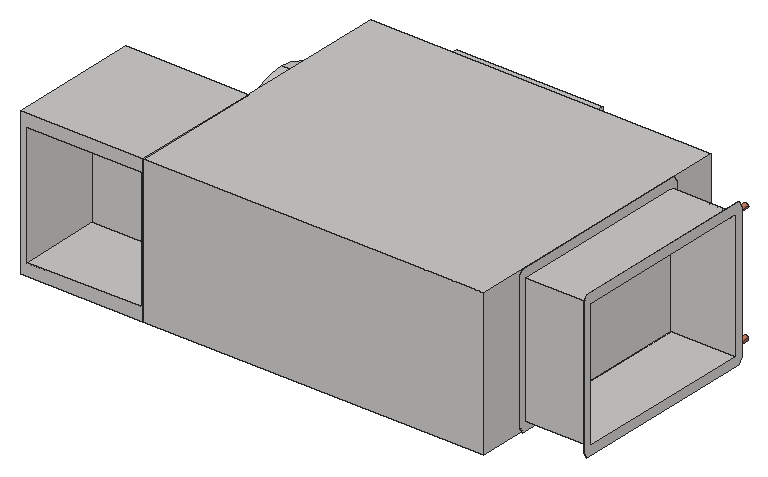
Revit family
Parameters
  Width = 3' - 3"
  Voltage = 277 V
  Unit Weight = if(Number of Rows = 1, "272.0 lbs", if(Number of Rows = 2, "277.0 lbs", "0"))  # "272.0 lbs"
  UltraLoc Liner = Choose Liner Option = 3  # no
  URL = "http://www.titus-hvac.com/"
  UL = "181"
  Supply Air Flow [instance] = 0 CFM
  SteriLoc Liner = Choose Liner Option = 2  # no
  Secondary Material = Copper Connectors
  Primary Air Pressure Drop [instance] = 0.00 in-wg
  Primary Air Flow [instance] = 0 CFM
  Pressure [instance] = 0.00 psi
  Plenum Air Pressure Drop [instance] = 0.00 in-wg
  Plenum Air Flow [instance] = 0 CFM
  Outlet Width = 2' - 1"
  Outlet Height = 1' - 5 1/2"
  Number of Rows = 1
  Number of Poles = 1
  Nominal Width = Width + 0' 6 1/4"  # 3' - 9 1/4"
  Nominal Length = Length + 1' 4 7/8" + 0' 9"  # 6' - 0 5/8"
  Nominal Inlet Size = 1' - 4"
  Nominal Height = 1' - 8"
  NFPA = "90A"
  Motor Full Load Amps [instance] = 4.5 A
  Model = "DTFS-F"
  Min. Air Flow = 0 CFM
  Max. Air Flow = 4000 CFM
  Material = Galvanized Steel
  Manufacturer = "Titus"
  Length = 3' - 10 3/4"
  Juction Box Offset = 0' - 6 7/8"
  Inlet Diameter = Nominal Inlet Size - 0' 0 1/8"  # 1' - 3 7/8"
  Induced Air Inlet Width = 1' - 4 7/8"
  Induced Air Inlet Offset = (Nominal Height - Induced Air Inlet Connection Height) / 2  # 0' - 1 11/16"
  Induced Air Inlet Height = 1' - 6 1/8"
  Induced Air Inlet Connection Width = 1' - 3 3/4"
  Induced Air Inlet Connection Height = 1' - 4 5/8"
  Induced Air Filter = no
  Heating Total Capacity [instance] = 0 Btu/h
  Heating Entering Water Temp = 0 °F
  Half Outlet Width = 1' - 0 1/2"
  Half Outlet Connection Width = Outlet Width / 2  # 1' - 0 1/2"
  Half Outlet Connection Height = Outlet Height / 2  # 0' - 8 3/4"
  Half Height Start = -(Nominal Height / 2)  # -0' - 10"
  Half Height End = Nominal Height / 2  # 0' - 10"
  HWC Option = HWC Section : D-E - 1 Row
  HWC Connector Radius = 5/16"
  HWC Connector Length = 0' - 3"
  HP-Motor = "3/4"
  Gallons Per Minute [instance] = 0 GPM
  Frequency = 60 Hz
  Flange Offset = 0' - 1 1/4"
  Filter Size = "18\"x17\""
  Fiber Free Liner = Choose Liner Option = 1  # no
  Fan Disconnect Switch = no
  Duct Radius = Nominal Inlet Size / 2  # 0' - 8"
  Description = "Ultra Quiet Series Fan Powered Terminal Unit, Direct Digital Control, Pressure Independent"
  Connector Vertical Offset = if(Number of Rows = 1, 1' 4 1/4", if(Number of Rows = 2, 1' 4 3/4", 0' 0"))  # 1' - 4 1/4"
  Connector Horizontal Offset = if(Number of Rows = 1, 0' 0", if(Number of Rows = 2, 0' 1", 0' 0"))  # 0' - 0"
  Connection Void Radius = Connection Radius - 0' 0 1/4"  # 0' - 7 11/16"
  Connection Radius = Inlet Diameter / 2  # 0' - 7 15/16"
  Choose Liner Option = 0
  CADworks URL = "www.CADworks.net"
  Assembly Code = "D3040100"
  Apparent Power [instance] = Voltage * Motor Full Load Amps  # 1246.5 VA
  Air Inlet Offset = 0' - 11"
  1/2" Fiberglass Liner = Choose Liner Option = 0  # yes
  1" Fiberglass Liner = Choose Liner Option = 4  # no
Reference planes (in)
  plane 1 "Center (Front/Back)": y = 0
  plane 2: z = 0
  plane 3 "Center (Left/Right)": x = 3
  plane 4: x = -20.375
  plane 5: x = 26.375
  plane 6: x = -13.5
  plane 7: x = -23.75
  plane 8 "Center (Elevation)": z = 0
  plane 9: y = -19.5
  plane 10: y = 19.5
  plane 11: y = 8.5
  plane 12: y = -8.25
  plane 13: z = 0.6875
  plane 14: z = -6.875
  plane 15: x = 35.375
  plane 16: x = 34.375
  plane 17: x = 34.375
  plane 18: y = 15.5
  plane 19: z = -8.125
  plane 20: z = 8.125
  plane 21: y = -12.5
  plane 22: y = 12.5
  plane 23: z = 10
  plane 24: z = -10
  plane 25: y = 25.75
  plane 26: x = -37.25
Forms (in)
  Extrusion 1, solid, material "Galvanized Steel" <- "Material"
    sketch origin (0, 0, 0) x (1, 0, 0) y (0, 1, 0)
      loop
        line (-20.375, 19.5) -> (-20.375, -19.5) -> (26.375, -19.5) -> (26.375, 19.5) -> (-20.375, 19.5)
    from -10 <- "Half Height Start" to 10 <- "Half Height End"
  Extrusion 2, solid, material "Galvanized Steel" <- "Material"
    sketch origin (0, 0, 0) x (1, 0, 0) y (0, 1, 0)
      loop
        line (-37.25, -1.375) -> (-37.25, -19.5) -> (-20.375, -19.5) -> (-20.375, -1.375) -> (-37.25, -1.375)
    from -10 <- "Half Height Start" to 10 <- "Half Height End"
  Extrusion 3, void, detail levels fine
    sketch origin (0, -19.5, 0) x (1, 0, 0) y (0, 0, -1)
      loop
        line (-20.625, 8.3125) -> (-36.375, 8.3125) -> (-36.375, -8.3125) -> (-20.625, -8.3125) -> (-20.625, 8.3125)
    from 0 to 11.25
  Extrusion 4, solid, material "Galvanized Steel" <- "Material"
    sketch origin (3.125, 0, 0) x (1, 0, 0) y (0, 1, 0)
      loop
        line (-16.625, 19.5) -> (3.375, 19.5) -> (3.375, 25.75) -> (-16.625, 25.75) -> (-16.625, 19.5)
    from -6 to 6
  Extrusion 5, solid, material "Galvanized Steel" <- "Material"
    sketch origin (-24.875, -3, 0) x (0, 0, -1) y (0, 1, 0)
      loop
        circle (0, 11.5) r 7.9375
    from 1.125 to 4.5
  Extrusion 6, void, detail levels fine
    sketch origin (-24.875, 0, 0) x (0, 1, 0) y (0, 0, 1)
      loop
        circle (8.5, 0) r 7.6875
    from 1.125 to 11.375
  Extrusion 7, void, detail levels fine
    sketch origin (35.375, -12.5, 8.75) x (0, 0, 1) y (0, -1, 0)
      loop
        line (-17.5, 0) -> (-17.5, -25) -> (0, -25) -> (0, 0) -> (-17.5, 0)
    from -0.0625 to 0
  Extrusion 8, solid, material "Copper Connectors" <- "Secondary Material", detail levels fine
    sketch origin (0, 0, 0) x (1, 0, 0) y (0, 0, 1)
      loop
        circle (34.375, 8.125) r 0.3125
    from -15.5 to -12.5625
  Extrusion 9, solid, material "Copper Connectors" <- "Secondary Material", detail levels fine
    sketch origin (0, 0, 0) x (1, 0, 0) y (0, 0, 1)
      loop
        circle (34.375, -8.125) r 0.3125
    from -15.5 to -12.5625
Cuts and joins
  Extrusion 3 cuts Extrusion 2
  Extrusion 6 cuts Extrusion 1
  Extrusion 6 cuts Extrusion 5
Dimensions and locks (in)
  "Length": plane 5 to plane 4
  equal spacing: plane 5, plane 3 "Center (Left/Right)", plane 4
  locked: Extrusion 4 to Extrusion 4 at 20
  "Juction Box Offset": plane 6 to plane 4
  locked: plane 4 to plane 7 at 3.375
  "Width": plane 9 to plane 10
  equal spacing: plane 9, plane 1 "Center (Front/Back)", plane 10
  locked: Extrusion 5 sketch curve to level at 0
  locked: Extrusion 5 sketch curve to plane 11 at 0
  locked: Extrusion 6 sketch curve to level at 0
  locked: Extrusion 6 sketch curve to plane 11 at 0
  locked: Extrusion 4 to Extrusion 4 at 6.25
  locked: Extrusion 4 to Extrusion 4 at 12
  equal spacing: Extrusion 4, plane 8 "Center (Elevation)", Extrusion 4
  locked: plane 12 to plane 9 at 11.25
  "Air Inlet Offset": plane 10 to plane 11
  "Induced Air Inlet Height": cut or joined group of Extrusion 2, Extrusion 3 to cut or joined group of Extrusion 2, Extrusion 3
  locked: cut or joined group of Extrusion 5, Extrusion 6 to cut or joined group of Extrusion 5, Extrusion 6 at 3.375
  locked: plane 12 to plane 12 at 0
  "Induced Air Inlet Connection Height": Extrusion 3 sketch curve to Extrusion 3 sketch curve
  "Induced Air Inlet Offset": Extrusion 3 sketch curve to cut or joined group of Extrusion 2, Extrusion 3
  "Induced Air Inlet Connection Width": Extrusion 3 sketch curve to Extrusion 3 sketch curve
  locked: Extrusion 3 sketch curve to cut or joined group of Extrusion 1, Extrusion 6 at 0.25
  "Connector Vertical Offset": plane 20 to plane 19
  equal spacing: plane 20, plane 8 "Center (Elevation)", plane 19
  locked: plane 15 to plane 5 at 9
  locked: plane 15 to plane 16 at 1
  "Connector Horizontal Offset": plane 16 to plane 17
  locked: Extrusion 8 sketch curve to plane 17 at 0
  locked: Extrusion 8 sketch curve to plane 20 at 0
  locked: Extrusion 9 sketch curve to plane 16 at 0
  locked: Extrusion 9 sketch curve to plane 19 at 0
  "HWC Connector Length": plane 18 to plane 22
  locked: cut or joined group of Extrusion 1, Extrusion 6 to Extrusion 7 at 9
  locked: cut or joined group of Extrusion 2, Extrusion 3 to cut or joined group of Extrusion 2, Extrusion 3 at 16.875
  locked: cut or joined group of Extrusion 2, Extrusion 3 to cut or joined group of Extrusion 2, Extrusion 3 at 20
  equal spacing: cut or joined group of Extrusion 2, Extrusion 3, plane 8 "Center (Elevation)", cut or joined group of Extrusion 2, Extrusion 3
  locked: cut or joined group of Extrusion 1, Extrusion 6 to cut or joined group of Extrusion 1, Extrusion 6 at 20
  equal spacing: cut or joined group of Extrusion 1, Extrusion 6, plane 8 "Center (Elevation)", cut or joined group of Extrusion 1, Extrusion 6
  locked: nested 1 to cut or joined group of Extrusion 1, Extrusion 6 at 1.1875
  locked: cut or joined group of Extrusion 1, Extrusion 6 to nested 1 at 1.1875
  "Connection Radius": radius of Extrusion 5 sketch curve
  "Connection Void Radius": radius of Extrusion 6 sketch curve
  "HWC Connector Radius": radius of Extrusion 8 sketch curve
  "HWC Connector Radius": radius of Extrusion 9 sketch curve
  aligned and locked: plane 10 to Extrusion 4
  aligned and locked: plane 6 to Extrusion 4
  aligned and locked: plane 7 to cut or joined group of Extrusion 5, Extrusion 6
  aligned and locked: plane 18 to Extrusion 8
  aligned and locked: plane 18 to Extrusion 9
  aligned and locked: plane 9 to cut or joined group of Extrusion 2, Extrusion 3  (x3)
  aligned and locked: plane 5 to nested 1
  aligned and locked: plane 15 to nested 1
  aligned and locked: plane 18 to nested 1  (x2)
  aligned and locked: plane 21 to nested 1
  aligned and locked: plane 22 to nested 1
  aligned and locked: plane 5 to cut or joined group of Extrusion 1, Extrusion 6
  aligned and locked: cut or joined group of Extrusion 1, Extrusion 6 to nested 1
  aligned and locked: cut or joined group of Extrusion 1, Extrusion 6 to plane 10
  aligned and locked: Extrusion 4 to cut or joined group of Extrusion 1, Extrusion 6  (x2)
  aligned and locked: cut or joined group of Extrusion 1, Extrusion 6 to plane 4
  aligned and locked: plane 9 to cut or joined group of Extrusion 1, Extrusion 6
  aligned and locked: cut or joined group of Extrusion 5, Extrusion 6 to cut or joined group of Extrusion 1, Extrusion 6
  aligned and locked: nested 1 to cut or joined group of Extrusion 1, Extrusion 6
  aligned and locked: plane 6 to Extrusion 6
  aligned and locked: Extrusion 6 to plane 7
  aligned and locked: Extrusion 3 to plane 12
  aligned and locked: plane 25 to Extrusion 4
  aligned and locked: plane 26 to cut or joined group of Extrusion 2, Extrusion 3
  aligned and locked: plane 23 to cut or joined group of Extrusion 2, Extrusion 3
  aligned and locked: plane 24 to cut or joined group of Extrusion 2, Extrusion 3
  aligned and locked: plane 24 to cut or joined group of Extrusion 1, Extrusion 6
  aligned and locked: plane 23 to cut or joined group of Extrusion 1, Extrusion 6
Automatic sketch dimensions
  Extrusion 1 sketch curve to plane 4 = 0' - 0"
  Extrusion 1 sketch curve to plane 5 = 0' - 0"
  Extrusion 1 sketch curve to plane 9 = 0' - 0"
  Extrusion 1 sketch curve to plane 10 = 0' - 0"
  Extrusion 2 sketch curve to plane 4 = 0' - 0"
  Extrusion 2 sketch curve to plane 9 = 0' - 0"
  plane 1 "Center (Front/Back)" to Extrusion 2 sketch curve = 0' - 1 3/8"
  Extrusion 4 sketch curve to plane 6 = 0' - 0"
  Extrusion 4 sketch curve to plane 10 = 0' - 0"
  plane 3 "Center (Left/Right)" to Extrusion 4 sketch curve = 0' - 3 1/2"
  Extrusion 4 sketch curve to plane 10 = 0' - 6 1/4"
  Extrusion 2 sketch curve to plane 7 = 1' - 1 1/2"
  Extrusion 7 sketch curve to nested 1 = 0' - 0"  (x4)
Nested families (in)
  nested 1: "HWC Section" at (30.875, 0, 0) x (0, 1, 0) z (0, 0, 1), type <- "HWC Option", type "D-E - 1 Row"
Connectors (in)
  electrical at (-3.5, 25.75, 0), driven by "Apparent Power", driven by "Voltage", driven by "Number of Poles"
    settings: on Extrusion 4, index 8
  hvac at (-23.75, 8.5, 0), driven by "Duct Radius", driven by "Primary Air Pressure Drop", driven by "Primary Air Flow"
    settings: on cut or joined group of Extrusion 5, Extrusion 6, index 9
  hvac at (-28.5, -19.5, 0), driven by "Induced Air Inlet Connection Height", driven by "Induced Air Inlet Connection Width", driven by "Plenum Air Pressure Drop", driven by "Plenum Air Flow"
    settings: on cut or joined group of Extrusion 2, Extrusion 3, index 11
  hvac at (35.375, 0, 0), driven by "Outlet Height", driven by "Outlet Width", driven by "Supply Air Flow"
    settings: on Extrusion 7, index 12
  piping at (34.375, 15.5, 8.125), driven by "Gallons Per Minute", driven by "Pressure", driven by "HWC Connector Radius"
    settings: on Extrusion 8, index 13
  piping at (34.375, 15.5, -8.125), driven by "Gallons Per Minute", driven by "HWC Connector Radius", driven by "Pressure"
    settings: on Extrusion 9, index 14
Definition of nested family "HWC Section"
  Parameters (values of type "B-C - 1 Row")
    Visibility = yes
    Secondary Material = Copper Connectors
    Number of Rows = 1
    Material = Galvanized Steel
    Half Width = HWC Width / 2  # 0' - 10 1/4"
    Half Length-Start = -(HWC Length / 2)  # -0' - 4 1/2"
    Half Length-End = HWC Length / 2  # 0' - 4 1/2"
    HWC Connection Radius = 5/16"
    Flange Offset = 0' - 1"
    Duct Vertical Offset = HWC Height - 0' 0 1/2"  # 1' - 0"
    Duct Horizontal Offset = HWC Width - 0' 0 1/2"  # 1' - 8"
    Connector Vertical Offset = 0' - 11 3/4"
    HWC Width = 1' - 8 1/2"
    HWC Height = 1' - 0 1/2"
    HWC Length = 0' - 9"  # constant formula
    Gallons Per Minute = 0 GPM
    Connector Length = 0' - 3"
    Connector Horizontal Offset = 0' - 0"
  Types (5): name | Number of Rows | Half Width | Flange Offset | Duct Vertical Offset | Duct Horizontal Offset | Connector Vertical Offset | HWC Width | HWC Height | Connector Horizontal Offset
    (no name) | 1 | 0' - 10 1/4" | 0' - 1" | 1' - 0" | 1' - 8" | 0' - 11 3/4" | 1' - 8 1/2" | 1' - 0 1/2" | 0' - 0"
    B-C - 1 Row | 1 | 0' - 10 1/4" | 0' - 1" | 1' - 0" | 1' - 8" | 0' - 11 3/4" | 1' - 8 1/2" | 1' - 0 1/2" | 0' - 0"
    B-C - 2 Row | 2 | 0' - 10 1/4" | 0' - 1" | 1' - 0" | 1' - 8" | 0' - 11 3/4" | 1' - 8 1/2" | 1' - 0 1/2" | 0' - 1"
    D-E - 1 Row | 1 | 1' - 0 1/2" | 0' - 1 1/4" | 1' - 5" | 2' - 0 1/2" | 1' - 4 1/4" | 2' - 1" | 1' - 5 1/2" | 0' - 0"
    D-E - 2 Row | 2 | 1' - 0 1/2" | 0' - 1 1/4" | 1' - 5" | 2' - 0 1/2" | 1' - 4 3/4" | 2' - 1" | 1' - 5 1/2" | 0' - 1"
  Reference planes (in)
    plane 1 "Center (Front/Back)": y = 0
    plane 2: z = 0
    plane 3 "Center (Left/Right)": x = 0
    plane 4: x = -10.25
    plane 5: x = 10.25
    plane 6: y = 4.5
    plane 7: y = -4.5
    plane 8: z = 6.25
    plane 9: z = -6.25
    plane 10: z = 5.875
    plane 11: z = -5.875
    plane 12: y = 3.5
    plane 13: y = 3.5
    plane 14: x = 13.25
  Forms (in)
    Extrusion 1, solid, material "Galvanized Steel" <- "Material", visible <- "Visibility"
      sketch origin (0, 0, 0) x (1, 0, 0) y (0, 0, 1)
        loop
          line (-10.3125, 6.3125) -> (-10.3125, -6.3125) -> (10.3125, -6.3125) -> (10.3125, 6.3125) -> (-10.3125, 6.3125)
      from -4.375 <- "Half Length-Start" to 4.5 <- "Half Length-End"
    Extrusion 2, void, detail levels fine
      sketch origin (0, 0, 0) x (1, 0, 0) y (0, 0, 1)
        loop
          line (-10.25, -6.25) -> (10.25, -6.25) -> (10.25, 6.25) -> (-10.25, 6.25) -> (-10.25, -6.25)
      from -4.5 <- "Half Length-Start" to 4.5 <- "Half Length-End"
    Extrusion 3, solid, material "Copper Connectors" <- "Secondary Material", visible <- "Visibility"
      sketch origin (6, 2.625, 0) x (0, 1, 0) y (0, 0, 1)
        loop
          circle (0.875, -5.875) r 0.3125
      from 4.3125 to 7.25
    Extrusion 4, solid, material "Galvanized Steel" <- "Material", visible <- "Visibility"
      sketch origin (0, -4.375, 0) x (1, 0, 0) y (0, 0, 1)
        loop
          line (-10.25, 6.25) -> (-10.25, -6.25) -> (10.25, -6.25) -> (10.25, 6.25) -> (-10.25, 6.25)
        loop
          line (-11.25, 6.75) -> (-11.25, -6.75) -> (-10.75, -7.25) -> (10.75, -7.25) -> (11.25, -6.75) -> (11.25, 6.75) -> (10.75, 7.25) -> (-10.75, 7.25) -> (-11.25, 6.75)
      from 0 to 0.125
    Extrusion 5, solid, material "Copper Connectors" <- "Secondary Material", visible <- "Visibility"
      sketch origin (6, -0.5, 0) x (0, 1, 0) y (0, 0, 1)
        loop
          circle (4, 5.875) r 0.3125
      from 4.3125 to 7.25
    Extrusion 6, solid, material "Galvanized Steel" <- "Material", visible <- "Visibility"
      sketch origin (0, 4.375, 0) x (1, 0, 0) y (0, 0, -1)
        loop
          line (-10.25, -6.25) -> (10.25, -6.25) -> (10.25, 6.25) -> (-10.25, 6.25) -> (-10.25, -6.25)
        loop
          line (-11.25, -6.75) -> (-10.75, -7.25) -> (10.75, -7.25) -> (11.25, -6.75) -> (11.25, 6.75) -> (10.75, 7.25) -> (-10.75, 7.25) -> (-11.25, 6.75) -> (-11.25, -6.75)
      from 0 to 0.125
  Cuts and joins
    Extrusion 2 cuts Extrusion 1
    joined: Extrusion 1, Extrusion 4, Extrusion 6
  Dimensions and locks (in)
    "HWC Width": plane 4 to plane 5
    equal spacing: plane 4, plane 3 "Center (Left/Right)", plane 5
    "HWC Height": plane 8 to plane 9
    equal spacing: plane 8, plane 2, plane 9
    equal spacing: plane 10, plane 2, plane 11
    locked: plane 12 to plane 6 at 1
    "Connector Horizontal Offset": plane 13 to plane 12
    locked: plane 7 to Extrusion 4 at 0.125
    locked: Extrusion 6 to plane 6 at 0.125
    locked: plane 4 to Extrusion 1 sketch curve at 0.0625
    locked: Extrusion 4 to Extrusion 1 sketch curve at 0.0625
    locked: Extrusion 1 sketch curve to plane 8 at 0.0625
    locked: plane 9 to Extrusion 1 sketch curve at 0.0625
    "Connector Length": plane 5 to plane 14
    "HWC Length": plane 6 to plane 7
    equal spacing: plane 6, plane 1 "Center (Front/Back)", plane 7
    "Connector Vertical Offset": plane 10 to plane 11
    equal spacing: plane 10, level, plane 11
    "HWC Width": Extrusion 4 sketch curve to Extrusion 4 sketch curve
    equal spacing: Extrusion 4 sketch curve, plane 3 "Center (Left/Right)", Extrusion 4 sketch curve
    "HWC Height": Extrusion 4 sketch curve to Extrusion 4 sketch curve
    equal spacing: Extrusion 4 sketch curve, plane 2, Extrusion 4 sketch curve
    locked: cut or joined group of Extrusion 1, Extrusion 2, Extrusion 4, Extrusion 6 to plane 4 at 1  (x2)
    locked: cut or joined group of Extrusion 1, Extrusion 2, Extrusion 4, Extrusion 6 to plane 5 at 1  (x2)
    "HWC Width": Extrusion 6 sketch curve to Extrusion 6 sketch curve
    "HWC Height": Extrusion 6 sketch curve to Extrusion 6 sketch curve
    equal spacing: Extrusion 6 sketch curve, plane 3 "Center (Left/Right)", Extrusion 6 sketch curve
    equal spacing: Extrusion 6 sketch curve, plane 2, Extrusion 6 sketch curve
    "HWC Height": Extrusion 2 sketch curve to Extrusion 2 sketch curve
    "HWC Width": Extrusion 2 sketch curve to Extrusion 2 sketch curve
    equal spacing: Extrusion 2 sketch curve, plane 3 "Center (Left/Right)", Extrusion 2 sketch curve
    equal spacing: Extrusion 2 sketch curve, plane 2, Extrusion 2 sketch curve
    locked: plane 5 to Extrusion 3 at 0.0625
    locked: plane 5 to Extrusion 5 at 0.0625
    "Flange Offset": cut or joined group of Extrusion 1, Extrusion 2, Extrusion 4, Extrusion 6 to plane 8
    "Flange Offset": plane 9 to cut or joined group of Extrusion 1, Extrusion 2, Extrusion 4, Extrusion 6
    "Flange Offset": plane 8 to cut or joined group of Extrusion 1, Extrusion 2, Extrusion 4, Extrusion 6
    "Flange Offset": cut or joined group of Extrusion 1, Extrusion 2, Extrusion 4, Extrusion 6 to plane 9
    "HWC Connection Radius": radius of Extrusion 3 sketch curve
    "HWC Connection Radius": radius of Extrusion 5 sketch curve
    aligned and locked: plane 7 to Extrusion 4
    aligned and locked: plane 6 to Extrusion 6
    aligned and locked: plane 14 to Extrusion 5
    aligned and locked: plane 14 to Extrusion 3
    aligned and locked: Extrusion 6 to cut or joined group of Extrusion 1, Extrusion 2, Extrusion 4, Extrusion 6
    aligned and locked: Extrusion 4 to Extrusion 4
  Automatic sketch dimensions
    Extrusion 3 sketch curve to plane 11 = 0' - 0"
    Extrusion 3 sketch curve to plane 12 = 0' - 0"
    Extrusion 5 sketch curve to plane 10 = 0' - 0"
    Extrusion 5 sketch curve to plane 13 = 0' - 0"
    plane 4 to Extrusion 6 sketch curve = 0' - 1"
    plane 4 to Extrusion 6 sketch curve = 0' - 0 1/2"  (x2)
    Extrusion 6 sketch curve to plane 5 = 0' - 0 1/2"  (x2)
    Extrusion 6 sketch curve to Extrusion 6 sketch curve = 0' - 0 1/2"  (x3)
    plane 8 to Extrusion 6 sketch curve = 0' - 0 1/2"  (x2)
    Extrusion 6 sketch curve to plane 9 = 0' - 0 1/2"  (x2)
    plane 4 to Extrusion 4 sketch curve = 0' - 0 1/2"  (x2)
    Extrusion 4 sketch curve to Extrusion 4 sketch curve = 0' - 0 1/2"  (x4)
    Extrusion 4 sketch curve to plane 5 = 0' - 0 1/2"  (x2)
    Extrusion 4 sketch curve to plane 9 = 0' - 0 1/2"  (x2)
    plane 8 to Extrusion 4 sketch curve = 0' - 0 1/2"  (x2)
